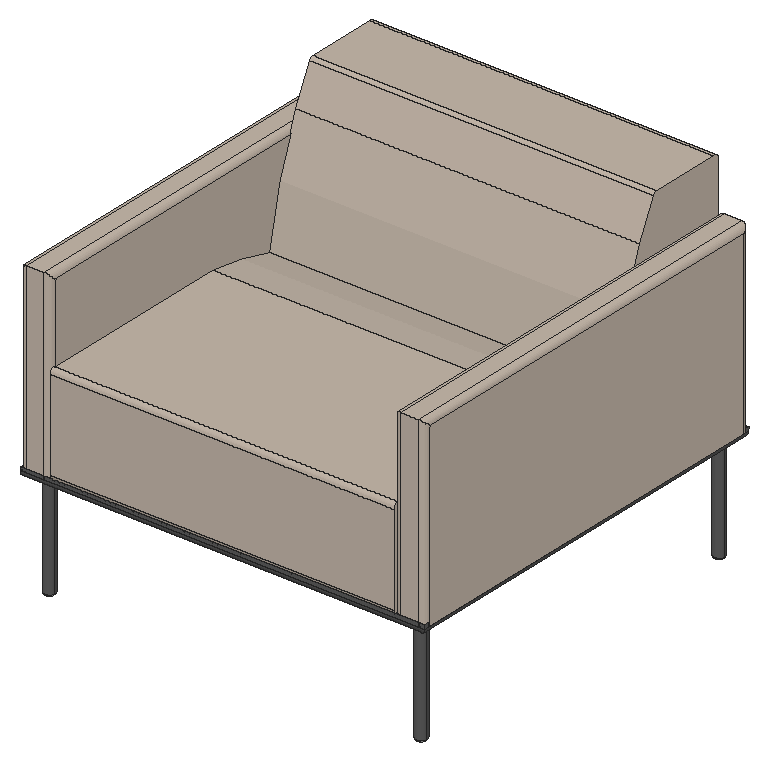
Revit family "FU_Modular_Sandler_Escala_ESC0600TA", category Furniture, Revit 2020
Family settings
  OmniClass Number = 23.40.20.00
  OmniClass Title = General Furniture and Specialties
  Work Plane-Based = No
  Always vertical = Yes
  Cut with Voids When Loaded = No
  Shared = No
  Room Calculation Point = No
Parameters (values of type "Escalas 0600TA")
  Width = 800 mm  # constant formula
  Upholstery [instance] = Fabric - Gravity - Wheat CPC21
  URL = "https://www.sandlerseating.com/product/esc0600ta/"
  Seat Height = 420 mm  # constant formula
  Seat Elevation = 220 mm  # constant formula
  Model = "Escalas 0600TA"
  Manufacturer = "Sandler"
  Height = 690 mm  # constant formula
  Frame Finish = M1_B00 - Black
  Description = "Upholstered 80cm armchair with low arms on epoxy painted steel legs."
  Depth = 800 mm  # constant formula
  Default Elevation = 0 mm
Reference planes
  plane 1 "Center (Front/Back)": y = 0
  plane 2: z = 0
  plane 3 "Center (Left/Right)": x = 0
  plane 4 "Right": x = -400
  plane 5 "Left": x = 400
  plane 6 "Front": y = -400
  plane 7 "Back": y = 400
  plane 8 "Elevation": z = 220
  plane 9 "Height": z = 690
  plane 10 "Seat height": z = 420
  plane 11: x = -340
  plane 12: x = 340
  plane 13 "Arm Height": z = 586
Forms (mm)
  Sweep 1, solid, material "Fabric - Gravity - Wheat CPC21" <- "Upholstery"
    path origin (0, 0, 220) x (-1, 0, 0) y (0, -1, 0)
      loop
        line (340, -400) -> (-340, -400)
    profile "Pro_Escalas_Seat_Shape : Pro_Escalas_Seat_Shape" origin (0, 400, 220) x (0, 1, 0) y (0, 0, 1)
      loop
        line (-790, 0) -> (-10, 0)
        arc (-10, 0) -> (-2.929, 2.929) -> (0, 10) r 10
        line (0, 10) -> (0, 460)
        arc (0, 460) -> (-2.929, 467.071) -> (-10, 470) r 10
        line (-10, 470) -> (-150.689, 470)
        arc (-150.689, 470) -> (-156.062, 468.434) -> (-159.752, 464.226) r 10
        line (-159.752, 464.226) -> (-192.518, 393.96)
        arc (-192.518, 393.96) -> (-234.317, 284.408) -> (-260, 170) r 816.842
        arc (-260, 170) -> (-329.19, 188.78) -> (-400, 200) r 664.836
        line (-400, 200) -> (-790, 200)
        arc (-790, 200) -> (-797.071, 197.071) -> (-800, 190) r 10
        line (-800, 190) -> (-800, 10)
        arc (-800, 10) -> (-797.071, 2.929) -> (-790, 0) r 10
  Extrusion 2, void
    sketch origin (0, 0, 0) x (0, 1, 0) y (0, 0, 1)
      loop
        line (-370, 220) -> (370, 220) -> (370, 261) -> (-370, 261) -> (-370, 220)
    from -340 to 340
  Extrusion 3, solid, material "Fabric - Gravity - Wheat CPC21" <- "Upholstery"
    sketch origin (-400, 0, 0) x (0, 1, 0) y (0, 0, 1)
      loop
        line (-380, 220) -> (380, 220) -> (380, 566) -> (-380, 566) -> (-380, 220)
    from 740 to 800
  Sweep 4, solid, material "Fabric - Gravity - Wheat CPC21" <- "Upholstery"
    path in 3D
      loop
        line (400, 380, 220) -> (400, 380, 566) -> (400, -380, 566) -> (400, -380, 220)
    profile "pro_Escalas_Arm edge : pro_Escalas_Arm edge" origin (400, 380, 393) x (0, -1, 0) y (1, 0, 0)
      loop
        line (0, 0) -> (-7.5, 0)
        arc (-7.5, 0) -> (-16.339, -3.661) -> (-20, -12.5) r 12.5
        line (-20, -12.5) -> (-20, -47.5)
        arc (-20, -47.5) -> (-16.339, -56.339) -> (-7.5, -60) r 12.5
        line (-7.5, -60) -> (0, -60) -> (0, 0)
  Extrusion 5, solid, material "Fabric - Gravity - Wheat CPC21" <- "Upholstery"
    sketch origin (-400, 0, 0) x (0, 1, 0) y (0, 0, 1)
      loop
        line (-380, 220) -> (380, 220) -> (380, 566) -> (-380, 566) -> (-380, 220)
    from 740 to 800
  Sweep 6, solid, material "Fabric - Gravity - Wheat CPC21" <- "Upholstery"
    path in 3D
      loop
        line (400, 380, 220) -> (400, 380, 566) -> (400, -380, 566) -> (400, -380, 220)
    profile "pro_Escalas_Arm edge : pro_Escalas_Arm edge" origin (400, 380, 393) x (0, -1, 0) y (1, 0, 0)
      loop
        line (0, 0) -> (-7.5, 0)
        arc (-7.5, 0) -> (-16.339, -3.661) -> (-20, -12.5) r 12.5
        line (-20, -12.5) -> (-20, -47.5)
        arc (-20, -47.5) -> (-16.339, -56.339) -> (-7.5, -60) r 12.5
        line (-7.5, -60) -> (0, -60) -> (0, 0)
  Extrusion 7, solid, material "Fabric - Gravity - Wheat CPC21" <- "Upholstery"
    sketch origin (400, 0, 0) x (0, 1, 0) y (0, 0, -1)
      loop
        line (-380, -220) -> (-380, -566) -> (380, -566) -> (380, -220) -> (-380, -220)
    from 740 to 800
  Sweep 8, solid, material "Fabric - Gravity - Wheat CPC21" <- "Upholstery"
    path in 3D
      loop
        line (-340, 380, 220) -> (-340, 380, 566) -> (-340, -380, 566) -> (-340, -380, 220)
    profile "pro_Escalas_Arm edge : pro_Escalas_Arm edge" origin (-340, 0, 566) x (1, 0, 0) y (0, 0, 1)
      loop
        line (0, 0) -> (0, 7.5)
        arc (0, 7.5) -> (-3.661, 16.339) -> (-12.5, 20) r 12.5
        line (-12.5, 20) -> (-47.5, 20)
        arc (-47.5, 20) -> (-56.339, 16.339) -> (-60, 7.5) r 12.5
        line (-60, 7.5) -> (-60, 0) -> (0, 0)
Cuts and joins
  Extrusion 2 cuts Sweep 1
  joined: Extrusion 3, Sweep 4
  joined: Extrusion 5, Sweep 6
  joined: Extrusion 7, Sweep 8
Lines and regions (mm)
  sketch lines
    curve 1: line (400, 380, 220) -> (400, 380, 566)
    curve 2: line (400, 380, 566) -> (400, -380, 566)
    curve 3: line (400, -380, 566) -> (400, -380, 220)
    curve 4: line (400, 380, 220) -> (400, 380, 566)
    curve 5: line (400, 380, 566) -> (400, -380, 566)
    curve 6: line (400, -380, 566) -> (400, -380, 220)
    curve 7: line (-340, 380, 566) -> (-340, -380, 566)
    curve 8: line (-340, 380, 220) -> (-340, 380, 566)
    curve 9: line (-340, -380, 566) -> (-340, -380, 220)
Dimensions and locks
  equal spacing: plane 4 "Right", plane 3 "Center (Left/Right)", plane 5 "Left"
  "Width": plane 4 "Right" to plane 5 "Left"
  equal spacing: plane 7 "Back", plane 1 "Center (Front/Back)", plane 6 "Front"
  "Depth": plane 7 "Back" to plane 6 "Front"
  "Height": plane 9 "Height" to level
  "Seat Height": plane 10 "Seat height" to level
  "Seat Elevation": plane 8 "Elevation" to level
  equal spacing: plane 11, plane 3 "Center (Left/Right)", plane 12
  plane 11 to plane 12 = 680 mm
  plane 13 "Arm Height" to plane 8 "Elevation" = 366 mm
  aligned and locked: level to plane 2
Automatic sketch dimensions
  Extrusion 2 sketch curve to plane 8 "Elevation" = 0 mm
  plane 6 "Front" to Extrusion 2 sketch curve = 30 mm
  Extrusion 2 sketch curve to plane 7 "Back" = 30 mm
  plane 8 "Elevation" to Extrusion 2 sketch curve = 41 mm
  Extrusion 3 sketch curve to plane 8 "Elevation" = 0 mm
  plane 6 "Front" to Extrusion 3 sketch curve = 20 mm
  Extrusion 3 sketch curve to plane 7 "Back" = 20 mm
  Extrusion 3 sketch curve to plane 13 "Arm Height" = 20 mm
  Extrusion 5 sketch curve to plane 8 "Elevation" = 0 mm
  plane 6 "Front" to Extrusion 5 sketch curve = 20 mm
  Extrusion 5 sketch curve to plane 7 "Back" = 20 mm
  Extrusion 5 sketch curve to plane 13 "Arm Height" = 20 mm
  Extrusion 7 sketch curve to plane 8 "Elevation" = 0 mm
  plane 6 "Front" to Extrusion 7 sketch curve = 20 mm
  Extrusion 7 sketch curve to plane 7 "Back" = 20 mm
  Extrusion 7 sketch curve to plane 13 "Arm Height" = 20 mm
  Sweep 1 sketch curve to plane 7 "Back" = 0 mm
  Sweep 1 sketch curve to plane 12 = 0 mm
  Sweep 1 sketch curve to plane 11 = 0 mm
Nested families
  nested 1: "ESC0600TA_Frame" at (0, 0, 0), Frame Finish <- "Frame Finish", type "ESCALAS 06-- Frame"
    with Frame Finish M1_B00 - Black
Definition of nested family "ESC0600TA_Frame"
  Parameters (values of type "ESCALAS 06-- Frame")
    Width = 800 mm
    URL = ""
    Model = "ESCALAS 06"
    Manufacturer = "Sandler"
    IsVisible = no
    Height = 260 mm
    Frame Finish [instance] = none
    Description = "Base frame for ESC06-- seating"
    Depth = 800 mm
    Default Elevation = 0 mm
  Reference planes
    plane 1 "Center (Front/Back)": y = 0
    plane 2: z = 0
    plane 3 "Center (Left/Right)": x = 0
    plane 4: z = 260
    plane 5 "Right": x = -400
    plane 6 "Left": x = 400
    plane 7 "Front": y = -400
    plane 8 "Back": y = 400
    plane 9 "Leg Base": z = 3
    plane 10 "Frame Base": z = 210
    plane 11 "cross support base": z = 204
    plane 12 "Main Frame Outer Right": x = -367.5
    plane 13 "Main Frame Inner Right": x = -308
    plane 14 "Main Frame Outer Back": y = 368
    plane 15 "Main Frame Inner Back": y = 308
    plane 16 "Main Frame Outer Front": y = -368
    plane 17 "Main Frame Inner front": y = -308
    plane 18 "Main Frame Outer left": x = 367.5
    plane 19 "Main Frame Inner Left": x = 308
  Forms (mm)
    Extrusion 1, solid, material <- "Frame Finish"
      sketch origin (0, 0, 210) x (-1, 0, 0) y (0, -1, 0)
        loop
          line (367.5, -368) -> (367.5, 368) -> (-367.5, 368) -> (-367.5, -368) -> (367.5, -368)
        loop
          line (308, -308) -> (308, 308) -> (-308, 308) -> (-308, -308) -> (308, -308)
      from 0 to 50
    Sweep 2, solid, material <- "Frame Finish"
      path in 3D
        loop
          line (-367.5, -368, 210) -> (-367.5, 368, 210) -> (367.5, 368, 210) -> (367.5, -368, 210) -> (-367.5, -368, 210)
      profile "Pro_Escalas_Frame Lip : Pro_Escalas_Frame Lip" origin (0, -368, 210) x (0, 1, 0) y (0, 0, -1)
        loop
          line (-32.005, -16) -> (-30.026, -16) -> (-30.026, -8.524)
          arc (-30.026, -8.524) -> (-27.53, -2.497) -> (-21.503, 0) r 8.524
          line (-21.503, 0) -> (59.977, 0) -> (59.977, 1.97) -> (-22.005, 1.97)
          arc (-22.005, 1.97) -> (-29.076, -0.959) -> (-32.005, -8.03) r 10
          line (-32.005, -8.03) -> (-32.005, -16)
    Extrusion 3, solid, material <- "Frame Finish"
      sketch origin (-67.5, -74, 3) x (-1, 0, 0) y (0, -1, 0)
        loop
          circle (300, 294) r 11
      from 0 to 207
    Extrusion 4, solid, material <- "Frame Finish"
      sketch origin (67.5, -74, 3) x (1, 0, 0) y (0, 1, 0)
        loop
          circle (300, -294) r 11
      from 0 to 207
    Extrusion 5, solid, material <- "Frame Finish"
      sketch origin (67.5, 74, 3) x (1, 0, 0) y (0, 1, 0)
        loop
          circle (300, 294) r 11
      from 0 to 207
    Extrusion 6, solid, material <- "Frame Finish"
      sketch origin (-67.5, 74, 3) x (-1, 0, 0) y (0, -1, 0)
        loop
          circle (300, -294) r 11
      from 0 to 207
    Extrusion 7, solid
      sketch origin (67.5, 74, 0) x (1, 0, 0) y (0, 1, 0)
        loop
          circle (300, 294) r 9.5
      from 0 to 6
    Extrusion 8, solid
      sketch origin (67.5, -74, 0) x (1, 0, 0) y (0, 1, 0)
        loop
          circle (300, -294) r 9.5
      from 0 to 6
    Extrusion 9, solid
      sketch origin (-67.5, -74, 0) x (-1, 0, 0) y (0, -1, 0)
        loop
          circle (300, 294) r 9.5
      from 0 to 6
    Extrusion 10, solid
      sketch origin (-67.5, 74, 0) x (-1, 0, 0) y (0, -1, 0)
        loop
          circle (300, -294) r 9.5
      from 0 to 6
  Cuts and joins
    joined: Extrusion 1, Sweep 2, Extrusion 3, Extrusion 4, Extrusion 5, Extrusion 6
  Lines and regions (mm)
    sketch lines
      curve 1: line (367.5, -368, 210) -> (-367.5, -368, 210)
      curve 2: line (367.5, 368, 210) -> (367.5, -368, 210)
      curve 3: line (-367.5, 368, 210) -> (367.5, 368, 210)
      curve 4: line (-367.5, -368, 210) -> (-367.5, 368, 210)
  Dimensions and locks
    "Height": plane 4 to plane 2
    equal spacing: plane 8 "Back", plane 1 "Center (Front/Back)", plane 7 "Front"
    "Depth": plane 8 "Back" to plane 7 "Front"
    equal spacing: plane 5 "Right", plane 3 "Center (Left/Right)", plane 6 "Left"
    "Width": plane 5 "Right" to plane 6 "Left"
    plane 5 "Right" to plane 12 "Main Frame Outer Right" to plane 13 "Main Frame Inner Right" = 32.5 mm locked, 59.5 mm locked
    plane 8 "Back" to plane 14 "Main Frame Outer Back" to plane 15 "Main Frame Inner Back" = 32 mm locked, 60 mm locked
    plane 19 "Main Frame Inner Left" to plane 18 "Main Frame Outer left" to plane 6 "Left" = 59.5 mm locked, 32.5 mm locked
    plane 17 "Main Frame Inner front" to plane 16 "Main Frame Outer Front" to plane 7 "Front" = 60 mm locked, 32 mm locked
    aligned and locked: level to plane 2
    aligned and locked: plane 14 "Main Frame Outer Back" to Extrusion 1 sketch curve
    aligned and locked: Extrusion 1 sketch curve to plane 12 "Main Frame Outer Right"
    aligned and locked: plane 16 "Main Frame Outer Front" to Extrusion 1 sketch curve
    aligned and locked: Extrusion 1 sketch curve to plane 18 "Main Frame Outer left"
    aligned and locked: plane 15 "Main Frame Inner Back" to Extrusion 1 sketch curve
    aligned and locked: Extrusion 1 sketch curve to plane 13 "Main Frame Inner Right"
    aligned and locked: plane 17 "Main Frame Inner front" to Extrusion 1 sketch curve
    aligned and locked: Extrusion 1 sketch curve to plane 19 "Main Frame Inner Left"
    aligned and locked: Extrusion 1 to plane 10 "Frame Base"
    aligned and locked: plane 4 to Extrusion 1
    aligned and locked: Extrusion 3 to plane 9 "Leg Base"
    aligned and locked: plane 10 "Frame Base" to Extrusion 3
    aligned and locked: Extrusion 7 to level
  Automatic sketch dimensions
    plane 13 "Main Frame Inner Right" to Extrusion 3 sketch curve = 59.5 mm
    Extrusion 5 sketch curve to plane 15 "Main Frame Inner Back" = 60 mm
    Extrusion 6 sketch curve to plane 12 "Main Frame Outer Right" = 0 mm
    plane 14 "Main Frame Outer Back" to Extrusion 6 sketch curve = 0 mm
    Extrusion 7 sketch curve to plane 15 "Main Frame Inner Back" = 60 mm
    plane 13 "Main Frame Inner Right" to Extrusion 9 sketch curve = 59.5 mm
    Extrusion 10 sketch curve to plane 12 "Main Frame Outer Right" = 0 mm
    plane 14 "Main Frame Outer Back" to Extrusion 10 sketch curve = 0 mm
    Extrusion 3 sketch curve to plane 16 "Main Frame Outer Front" = 0 mm
    Extrusion 4 sketch curve to plane 16 "Main Frame Outer Front" = 0 mm
    Extrusion 8 sketch curve to plane 16 "Main Frame Outer Front" = 0 mm
    Extrusion 9 sketch curve to plane 16 "Main Frame Outer Front" = 0 mm
    Extrusion 4 sketch curve to plane 18 "Main Frame Outer left" = 0 mm
    Extrusion 5 sketch curve to plane 18 "Main Frame Outer left" = 0 mm
    Extrusion 7 sketch curve to plane 18 "Main Frame Outer left" = 0 mm
    Extrusion 8 sketch curve to plane 18 "Main Frame Outer left" = 0 mm
    radius of Extrusion 3 sketch curve = 11 mm
    radius of Extrusion 4 sketch curve = 11 mm
    radius of Extrusion 5 sketch curve = 11 mm
    radius of Extrusion 6 sketch curve = 11 mm
    radius of Extrusion 7 sketch curve = 9.5 mm
    radius of Extrusion 8 sketch curve = 9.5 mm
    radius of Extrusion 9 sketch curve = 9.5 mm
    radius of Extrusion 10 sketch curve = 9.5 mm
